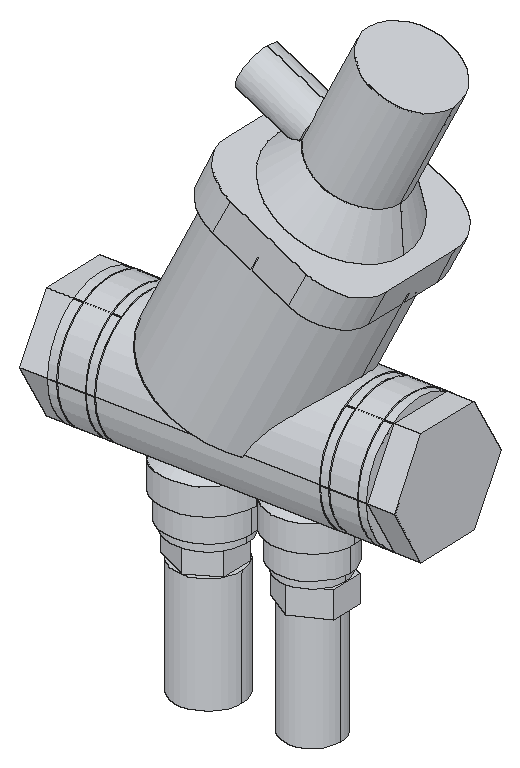
Revit family "PV_Compact_DN020_ 20-60_FF_měř_RFA_2019", category Pipe Accessories, Revit 2019
Family settings
  Round Connector Dimension = Use Diameter
  Part Type = Valve - Breaks Into
  Work Plane-Based = No
  Always vertical = Yes
  Cut with Voids When Loaded = No
  Shared = No
Parameters (values of type "PV Compact DN20 FF s měřením ( 20-60kPa)")
  magiProductId = "9f7cac6a20a942348ba3edadb25c10"
  magiProductFamilyId = "17221e4467384e4990f0bd3f9c07cb"
  magiPartTypeId = 304
  isMeasuringValve [instance] = no
  ang2D [instance] = 0.00°
  Z7 = 15 mm
  Z6 = 24.6 mm
  Z5 = 57.4 mm
  Z4 = 49.2 mm
  Z3 = 8.2 mm
  Z2 = 41 mm
  XR3 = 30 mm
  XR2 = 25 mm
  XR1 = 13 mm
  W2D = 15 mm
  VersionID = "2.0/2018.12.13.2/FRESE_PV_COMPACT_PLUG_Q13_001"
  Use Minimum Symbol Size [instance] = no
  URL = "www.hydronix.cz"
  Type Comments = "závitový s vnitřním závitem; dvěma měřicími vsuvkami; PN25; dpmax=450kPa; -10~+120°C;"
  R5 = 5 mm
  R4 = 15 mm
  R3 = 10 mm
  R2 = 14 mm
  R1 = 19 mm
  QmdConnectorList = "301;D;302;D"
  Productdata [instance] = ""
  PH__ve = -PH  # -22.4 mm
  PH = 22.4 mm
  NL__ve = -NL  # -15.8 mm
  NL = 15.8 mm
  Manufacturer = "Hydronix"
  MC Use Limits From Balancing Method = no
  MC Throttling Minimum Value = 0
  MC Throttling Maximum Value = 0
  MC Product Code = "53-3207 DN20; FF; nastavitelný rozsah dp=20~60kPa; Q=150~2000l/h;  kvs=3,5"
  MC Pressure Drop Minimum Value = 0.0 Pa
  MC Pressure Drop Maximum Value = 0.0 Pa
  MC Piping Given Pressure Drop [instance] = 0.0 Pa
  M5 = 33.7 mm
  M4 = 31.7 mm
  M3 = 25.7 mm
  M2 = 23.7 mm
  LP = 39.5 mm
  LM = 47.4 mm
  LL__ve = -LL  # -5.7 mm
  LLT__ve = -LLT  # -14.9 mm
  LLT = 14.9 mm
  LL2 = 32 mm
  LL = 5.7 mm
  L3 = 11 mm
  L2D_Min = 30.48 mm
  L2D = 65 mm
  Description = "Nastavitelný regulátor tlakové diference"
  DR1 = no
  DR0 = yes
  DL2 = 66 mm
  D = 20 mm
  CenSd_R2_6 = R2 * cos(30.00°)  # 12.124 mm
  CAT0 = yes
  C0D1 = no
  C0D0 = yes
Types (10, lengths in mm): name | magiProductId | Z6 | Z5 | Z4 | Z3 | Z2 | XR3 | XR2 | XR1 | R2 | R1 | PH__ve | PH | NL__ve | NL | MC Product Code | M5 | M4 | M3 | M2 | LP | LM | LL__ve | LLT__ve | LLT | LL2 | LL | L3 | D | CenSd_R2_6
  PV Compact DN15 FF s měřením ( 20-60kPa) | "92c6061b2d364c498536f200ceae3f" | 24.6 | 57.4 | 49.2 | 8.2 | 41 | 30 | 25 | 13 | 14 | 19 | -22.4 | 22.4 | -15 | 15 | "53-3205 DN15; FF; nastavitelný rozsah dp=20~60kPa; Q=100~1000l/h;  kvs=2,9" | 32.5 | 30.5 | 24.5 | 22.5 | 37.5 | 45 | -5.7 | -14.9 | 14.9 | 32 | 5.7 | 11 | 15 | 12.124
  PV Compact DN15 FF s měřením (  5-30kPa) | "f361d342a5c3496a8b127ae77303d4" | 24.6 | 57.4 | 49.2 | 8.2 | 41 | 30 | 25 | 13 | 14 | 19 | -22.4 | 22.4 | -15 | 15 | "53-3204 DN15; FF; nastavitelný rozsah dp=5~30kPa; Q=50~600l/h;  kvs=2,9" | 32.5 | 30.5 | 24.5 | 22.5 | 37.5 | 45 | -5.7 | -14.9 | 14.9 | 32 | 5.7 | 11 | 15 | 12.124
  PV Compact DN20 FF s měřením ( 20-60kPa) | "9f7cac6a20a942348ba3edadb25c10" | 24.6 | 57.4 | 49.2 | 8.2 | 41 | 30 | 25 | 13 | 14 | 19 | -22.4 | 22.4 | -15.8 | 15.8 | "53-3207 DN20; FF; nastavitelný rozsah dp=20~60kPa; Q=150~2000l/h;  kvs=3,5" | 33.7 | 31.7 | 25.7 | 23.7 | 39.5 | 47.4 | -5.7 | -14.9 | 14.9 | 32 | 5.7 | 11 | 20 | 12.124
  PV Compact DN20 FF s měřením (  5-30kPa) | "db23a1b537c14a0d8d3ef5b88ba9f3" | 24.6 | 57.4 | 49.2 | 8.2 | 41 | 30 | 25 | 13 | 14 | 19 | -22.4 | 22.4 | -15.8 | 15.8 | "53-3206 DN20; FF; nastavitelný rozsah dp=5~30kPa; Q=100~1000l/h;  kvs=3,5" | 33.7 | 31.7 | 25.7 | 23.7 | 39.5 | 47.4 | -5.7 | -14.9 | 14.9 | 32 | 5.7 | 11 | 20 | 12.124
  PV Compact DN25 FF s měřením (  5-30kPa) | "df9f1d59aa4a4bbbaec25e168ba07d" | 25.5 | 59.5 | 51 | 8.5 | 42.5 | 30 | 25 | 13 | 14 | 19 | -20.8 | 20.8 | -16.6 | 16.6 | "53-3208 DN25; FF; nastavitelný rozsah dp=5~30kPa; Q=600~2100l/h;  kvs=4,0" | 34.9 | 32.9 | 26.9 | 24.9 | 41.5 | 49.8 | -5.9 | -16.3 | 16.3 | 34 | 5.9 | 11 | 25 | 12.124
  PV Compact DN25L FF s měřením ( 20-80kPa) | "87b7cca8bace4074a54840dfb5d8dc" | 40.2 | 93.8 | 80.4 | 13.4 | 67 | 42.5 | 37.5 | 25.5 | 26.5 | 31.5 | -17.6 | 17.6 | -20 | 20 | "53-3211 DN25L; FF; nastavitelný rozsah dp=20~80kPa; Q=750~4200l/h;  kvs=8,7" | 40 | 38 | 32 | 30 | 50 | 60 | -6.3 | -19.1 | 19.1 | 38 | 6.3 | 11 | 25 | 22.95
  PV Compact DN25L FF s měřením (  5-30kPa) | "5f34f6c18cbb44599cc4b76a533b7b" | 40.2 | 93.8 | 80.4 | 13.4 | 67 | 42.5 | 37.5 | 25.5 | 26.5 | 31.5 | -17.6 | 17.6 | -20 | 20 | "53-3210 DN25L; FF; nastavitelný rozsah dp=5~30kPa; Q=600~2500l/h;  kvs=8,7" | 40 | 38 | 32 | 30 | 50 | 60 | -6.3 | -19.1 | 19.1 | 38 | 6.3 | 11 | 25 | 22.95
  PV Compact DN32 FF s měřením ( 20-80kPa) | "4a8a1c2c3ced401aa76adec660b182" | 40.2 | 93.8 | 80.4 | 13.4 | 67 | 42.5 | 37.5 | 25.5 | 26.5 | 31.5 | -13.6 | 13.6 | -20.8 | 20.8 | "53-3214 DN32; FF; nastavitelný rozsah dp=20~80kPa; Q=1000~5000l/h;  kvs=10,1" | 41.2 | 39.2 | 33.2 | 31.2 | 52 | 62.4 | -6.8 | -22.6 | 22.6 | 43 | 6.8 | 25 | 32 | 22.95
  PV Compact DN40 FF s měřením ( 20-80kPa) | "8dd334465d8f48dd802c3dab6bec5b" | 46.8 | 109.2 | 93.6 | 15.6 | 78 | 42.5 | 37.5 | 25.5 | 26.5 | 31.5 | -11.2 | 11.2 | -27.6 | 27.6 | "53-3216 DN40; FF; nastavitelný rozsah dp=20~80kPa; Q=3000~8000l/h;  kvs=15,8" | 51.4 | 49.4 | 43.4 | 41.4 | 69 | 82.8 | -7.1 | -24.7 | 24.7 | 46 | 7.1 | 25 | 40 | 22.95
  PV Compact DN50 FF s měřením ( 20-80kPa) | "de24153ded7e41748f92358b184bd6" | 46.8 | 109.2 | 93.6 | 15.6 | 78 | 42.5 | 37.5 | 25.5 | 35.25 | 31.5 | -6.4 | 6.4 | -27.6 | 27.6 | "53-3218 DN50; FF; nastavitelný rozsah dp=20~80kPa; Q=5000~11500l/h;  kvs=16,2" | 51.4 | 49.4 | 43.4 | 41.4 | 69 | 82.8 | -7.7 | -28.9 | 28.9 | 52 | 7.7 | 25 | 50 | 30.527
Reference planes
  plane 1 "Center (Front/Back)": y = 0
  plane 2 "XYPLANE": z = 0
  plane 3 "Center (Left/Right)": x = 0
  plane 4 "408": x = 39.5
  plane 5 "407": x = -39.5
  plane 6 "402": z = -66
  plane 7 "213": x = 11
  plane 8 "168": z = -10.9
  plane 9 "167": z = -12.9
  plane 10 "166": z = -18.6
  plane 11 "165": z = -24.3
  plane 12 "164": z = -26.3
  plane 13 "154": z = 0
  plane 14 "152": y = 0
  plane 15 "151": z = -32
  plane 16 "150": x = -11
  plane 17 "75": through (318.218, 0, 679.605) normal (0.891, 0, -0.454)
  plane 18 "74": x = 33.7
  plane 19 "73": x = 31.7
  plane 20 "72": x = 25.7
  plane 21 "71": x = 23.7
  plane 22 "70": x = -33.7
  plane 23 "69": x = -31.7
  plane 24 "68": x = -25.7
  plane 25 "67": y = 0
  plane 26 "66": through (-666.893, 0, 343.166) normal (0.454, 0, 0.891)
  plane 27 "65": x = -23.7
  plane 28 "64": through (335.147, 0, 670.979) normal (0.891, 0, -0.454)
  plane 29 "63": through (-649.641, 0, 377.024) normal (0.454, 0, 0.891)
  plane 30 "62": through (352.076, 0, 662.353) normal (0.891, 0, -0.454)
  plane 31 "61": y = 19
  plane 32 "60": y = -19
  plane 33 "59": through (-645.919, 0, 384.33) normal (0.454, 0, 0.891)
  plane 34 "58": through (-642.196, 0, 391.637) normal (0.454, 0, 0.891)
  plane 35 "57": through (313.763, 0, 681.875) normal (0.891, 0, -0.454)
  plane 36 "56": x = 0
  plane 37 "55": through (-668.255, 0, 340.493) normal (0.454, 0, 0.891)
  plane 38 "102XY": through (-668.255, 0, 340.493) normal (0.454, 0, 0.891)
  plane 39 "102XZ": y = 0
  plane 40 "102YZ": through (340.493, 0, 668.255) normal (0.891, 0, -0.454)
Forms (mm)
  Extrusion 1, solid
    sketch origin (39.5, -750, 0) x (0, 1, 0) y (0, 0, 1)
      loop
        line (764, 0) -> (757, 12.124) -> (743, 12.124) -> (736, 0) -> (743, -12.124) -> (757, -12.124) -> (764, 0)
    from 0 to -15.8 <- "NL__ve"
  Extrusion 2, solid
    sketch origin (-39.5, -750, 0) x (0, 1, 0) y (0, 0, 1)
      loop
        line (736, 0) -> (743, -12.124) -> (757, -12.124) -> (764, 0) -> (757, 12.124) -> (743, 12.124) -> (736, 0)
    from 0 to 15.8 <- "NL"
  Extrusion 3, solid, visible <- "C0D1"
    sketch origin (-750, 0, -66) x (1, 0, 0) y (0, 1, 0)
      loop
        circle (761, 0) r 10
    from 0 to 50
  Extrusion 4, solid, visible <- "DR1"
    sketch origin (-750, 0, -18.6) x (1, 0, 0) y (0, 1, 0)
      loop
        line (761, -12) -> (772.592, -6) -> (772.592, 6) -> (761, 12) -> (750.608, 6) -> (750.608, -6) -> (761, -12)
    from 0 to -22.4 <- "PH__ve"
  Extrusion 5, solid, visible <- "DR1"
    sketch origin (-750, 0, -18.6) x (1, 0, 0) y (0, 1, 0)
      loop
        circle (761, 0) r 10
    from 0 to 5.7 <- "LL"
  Blend 6, solid, visible <- "DR1"
    base sketch origin (-750, 0, -10.9) x (1, 0, 0) y (0, 1, 0)
      loop
        circle (761, 0) r 7.5
    top sketch origin (-750, 0, -10.9) x (1, 0, 0) y (0, 1, 0)
      loop
        circle (761, 0) r 10
    from 0 to -2
  Extrusion 7, solid, visible <- "DR1"
    sketch origin (-750, 0, 0) x (1, 0, 0) y (0, 1, 0)
      loop
        circle (761, 0) r 7.5
    from 0 to -14.9 <- "LLT__ve"
  Extrusion 8, solid, visible <- "C0D0"
    sketch origin (-750, 0, -32) x (1, 0, 0) y (0, 1, 0)
      loop
        circle (761, 0) r 6
    from 0 to -25
  Extrusion 9, solid, visible <- "DR0"
    sketch origin (-750, 0, -26.3) x (1, 0, 0) y (0, 1, 0)
      loop
        line (761, -7) -> (768.262, -3.5) -> (768.262, 3.5) -> (761, 7) -> (754.938, 3.5) -> (754.938, -3.5) -> (761, -7)
    from 0 to -5.7 <- "LL__ve"
  Extrusion 10, solid, visible <- "DR0"
    sketch origin (-750, 0, -26.3) x (1, 0, 0) y (0, 1, 0)
      loop
        circle (761, 0) r 7
    from 0 to 2
  Extrusion 11, solid, visible <- "DR0"
    sketch origin (-750, 0, -18.6) x (1, 0, 0) y (0, 1, 0)
      loop
        circle (761, 0) r 9
    from 0 to 5.7 <- "LL"
  Blend 12, solid, visible <- "DR0"
    base sketch origin (-750, 0, -10.9) x (1, 0, 0) y (0, 1, 0)
      loop
        circle (761, 0) r 6.5
    top sketch origin (-750, 0, -10.9) x (1, 0, 0) y (0, 1, 0)
      loop
        circle (761, 0) r 9
    from 0 to -2
  Extrusion 13, solid, visible <- "DR0"
    sketch origin (-750, 0, 0) x (1, 0, 0) y (0, 1, 0)
      loop
        circle (761, 0) r 6.5
    from 0 to -14.9 <- "LLT__ve"
  Extrusion 14, solid, visible <- "DR0"
    sketch origin (-750, 0, 0) x (1, 0, 0) y (0, 1, 0)
      loop
        circle (761, 0) r 6.5
    from 0 to -14.9 <- "LLT__ve"
  Blend 15, solid, visible <- "DR0"
    base sketch origin (-750, 0, -10.9) x (1, 0, 0) y (0, 1, 0)
      loop
        circle (761, 0) r 6.5
    top sketch origin (-750, 0, -10.9) x (1, 0, 0) y (0, 1, 0)
      loop
        circle (761, 0) r 9
    from 0 to -2
  Extrusion 16, solid, visible <- "DR0"
    sketch origin (-750, 0, -18.6) x (1, 0, 0) y (0, 1, 0)
      loop
        circle (761, 0) r 9
    from 0 to 5.7 <- "LL"
  Extrusion 17, solid, visible <- "DR0"
    sketch origin (-750, 0, -24.3) x (1, 0, 0) y (0, 1, 0)
      loop
        circle (761, 0) r 8
    from 0 to 5.7 <- "LL"
  Extrusion 18, solid, visible <- "DR0"
    sketch origin (-750, 0, -26.3) x (1, 0, 0) y (0, 1, 0)
      loop
        circle (761, 0) r 7
    from 0 to 2
  Extrusion 19, solid, visible <- "DR0"
    sketch origin (-750, 0, -26.3) x (1, 0, 0) y (0, 1, 0)
      loop
        line (761, -7) -> (768.262, -3.5) -> (768.262, 3.5) -> (761, 7) -> (754.938, 3.5) -> (754.938, -3.5) -> (761, -7)
    from 0 to -5.7 <- "LL__ve"
  Extrusion 20, solid, visible <- "C0D0"
    sketch origin (-750, 0, -32) x (1, 0, 0) y (0, 1, 0)
      loop
        circle (761, 0) r 6
    from 0 to -25
  Extrusion 21, solid, visible <- "CAT0"
    sketch origin (-750, 0, -32) x (1, 0, 0) y (0, 1, 0)
      loop
        circle (739, 0) r 7.2
    from 0 to -25
  Extrusion 22, solid
    sketch origin (-750, 0, -26.3) x (1, 0, 0) y (0, 1, 0)
      loop
        line (739, -7) -> (745.062, -3.5) -> (745.062, 3.5) -> (739, 7) -> (731.738, 3.5) -> (731.738, -3.5) -> (739, -7)
    from 0 to -5.7 <- "LL__ve"
  Extrusion 23, solid
    sketch origin (-750, 0, -26.3) x (1, 0, 0) y (0, 1, 0)
      loop
        circle (739, 0) r 8.2
    from 0 to 2
  Extrusion 24, solid
    sketch origin (-750, 0, -24.3) x (1, 0, 0) y (0, 1, 0)
      loop
        circle (739, 0) r 9.2
    from 0 to 5.7 <- "LL"
  Extrusion 25, solid
    sketch origin (-750, 0, -18.6) x (1, 0, 0) y (0, 1, 0)
      loop
        circle (739, 0) r 10.2
    from 0 to 5.7 <- "LL"
  Blend 26, solid
    base sketch origin (-750, 0, -10.9) x (1, 0, 0) y (0, 1, 0)
      loop
        circle (739, 0) r 7.7
    top sketch origin (-750, 0, -10.9) x (1, 0, 0) y (0, 1, 0)
      loop
        circle (739, 0) r 10.2
    from 0 to -2
  Extrusion 27, solid
    sketch origin (-750, 0, 0) x (1, 0, 0) y (0, 1, 0)
      loop
        circle (739, 0) r 7.7
    from 0 to -14.9 <- "LLT__ve"
  Blend 28, solid, visible <- "CAT0"
    base sketch origin (31.7, -750, 0) x (0, 1, 0) y (0, 0, 1)
      loop
        circle (750, 0) r 14
    top sketch origin (31.7, -750, 0) x (0, 1, 0) y (0, 0, 1)
      loop
        circle (750, 0) r 14
    from 0 to 2
  Extrusion 29, solid, visible <- "CAT0"
    sketch origin (25.7, -750, 0) x (0, 1, 0) y (0, 0, 1)
      loop
        circle (750, 0) r 14
    from 0 to 6
  Blend 30, solid, visible <- "CAT0"
    base sketch origin (23.7, -750, 0) x (0, 1, 0) y (0, 0, 1)
      loop
        circle (750, 0) r 14
    top sketch origin (23.7, -750, 0) x (0, 1, 0) y (0, 0, 1)
      loop
        circle (750, 0) r 14
    from 0 to 2
  Blend 31, solid, visible <- "CAT0"
    base sketch origin (-31.7, -750, 0) x (0, 1, 0) y (0, 0, 1)
      loop
        circle (750, 0) r 14
    top sketch origin (-31.7, -750, 0) x (0, 1, 0) y (0, 0, 1)
      loop
        circle (750, 0) r 14
    from 0 to -2
  Extrusion 32, solid, visible <- "CAT0"
    sketch origin (-31.7, -750, 0) x (0, 1, 0) y (0, 0, 1)
      loop
        circle (750, 0) r 14
    from 0 to 6
  Blend 33, solid, visible <- "CAT0"
    base sketch origin (-25.7, -750, 0) x (0, 1, 0) y (0, 0, 1)
      loop
        circle (750, 0) r 14
    top sketch origin (-25.7, -750, 0) x (0, 1, 0) y (0, 0, 1)
      loop
        circle (750, 0) r 14
    from 0 to 2
  Extrusion 34, solid, visible <- "CAT0"
    sketch origin (-23.7, -750, 0) x (0, 1, 0) y (0, 0, 1)
      loop
        circle (750, 0) r 14
    from 0 to 47.4 <- "LM"
  Extrusion 35, solid, visible <- "CAT0"
    sketch origin (-666.893, 0, 343.166) x (0.891007, 0, -0.45399) y (0, 1, 0)
      loop
        circle (744, 0) r 19
    from 0 to 41 <- "Z2"
  Extrusion 36, solid, visible <- "CAT0"
    sketch origin (-649.641, 0, 377.024) x (0.891007, 0, -0.45399) y (0, 1, 0)
      loop
        arc (735, 19) -> (727.929, 16.071) -> (725, 9) r 10
        line (725, 9) -> (725, -9)
        arc (725, -9) -> (727.929, -16.071) -> (735, -19) r 10
        line (735, -19) -> (753, -19)
        arc (753, -19) -> (760.071, -16.071) -> (763, -9) r 10
        line (763, -9) -> (763, 9)
        arc (763, 9) -> (760.071, 16.071) -> (753, 19) r 10
        line (753, 19) -> (735, 19)
    from 0 to 8.2 <- "Z3"
  Blend 37, solid, visible <- "CAT0"
    base sketch origin (-645.919, 0, 384.33) x (0.891007, 0, -0.45399) y (0, 1, 0)
      loop
        circle (744, 0) r 15
    top sketch origin (-645.919, 0, 384.33) x (0.891007, 0, -0.45399) y (0, 1, 0)
      loop
        circle (744, 0) r 10
    from 0 to 8.2
  Extrusion 38, solid, visible <- "CAT0"
    sketch origin (-642.196, 0, 391.637) x (0.891007, 0, -0.45399) y (0, 1, 0)
      loop
        circle (744, 0) r 10
    from 0 to 24.6 <- "Z6"
  Extrusion 39, solid, visible <- "CAT0"
    sketch origin (313.763, 0, 681.875) x (-0.45399, 0, -0.891007) y (0, 1, 0)
      loop
        circle (692.6, 0) r 5
    from 0 to 15 <- "Z7"
  Blend 40, solid, visible <- "CAT0"
    base sketch origin (-668.255, 0, 340.493) x (0.891007, 0, -0.45399) y (0, 1, 0)
      loop
        circle (744, 0) r 15
    top sketch origin (-668.255, 0, 340.493) x (0.891007, 0, -0.45399) y (0, 1, 0)
      loop
        circle (744, 0) r 19
    from 0 to 3
  Extrusion 41, solid, not visible
    sketch origin (-33.7, -750, 0) x (0, 1, 0) y (0, 0, 1)
      loop
        circle (750, 0) r 10
    from 0 to 10
  Extrusion 42, solid, not visible
    sketch origin (33.7, -750, 0) x (0, 1, 0) y (0, 0, 1)
      loop
        circle (750, 0) r 10
    from 0 to -10
Lines and regions (mm)
  reference lines, not visible
    curve 1: circle (2, 2, 0) r 1 normal (0, 0, 1)
  reference lines
    curve 2: line (39.5, 0, 0) -> (39.5, -3.5, 6.062)
    curve 3: line (39.5, 0, 0) -> (39.5, -7, 0)
    curve 4: line (39.5, 0, 0) -> (39.5, -3.5, -6.062)
    curve 5: line (-39.5, 0, 0) -> (-39.5, 3.5, 6.062)
    curve 6: line (-39.5, 0, 0) -> (-39.5, 7, 0)
    curve 7: line (-39.5, 0, 0) -> (-39.5, 3.5, -6.062)
Dimensions and locks
  plane 1 "Center (Front/Back)" to curve 1 = 2 mm
  "LP": plane 36 "56" to plane 4 "408"
  "LP": plane 36 "56" to plane 5 "407"
  "DL2": plane 2 "XYPLANE" to plane 6 "402"
  "L3": plane 3 "Center (Left/Right)" to plane 7 "213"
  locked: plane 9 "167" to plane 8 "168" at 2
  "LL": plane 10 "166" to plane 9 "167"
  "LL": plane 11 "165" to plane 10 "166"
  locked: plane 12 "164" to plane 11 "165" at 2
  "LL": plane 15 "151" to plane 12 "164"
  locked: plane 2 "XYPLANE" to plane 13 "154"
  locked: plane 1 "Center (Front/Back)" to plane 14 "152"
  "LL2": plane 2 "XYPLANE" to plane 15 "151"
  "L3": plane 3 "Center (Left/Right)" to plane 16 "150"
  "XR2": plane 40 "102YZ" to plane 17 "75"
  "M5": plane 3 "Center (Left/Right)" to plane 18 "74"
  "M4": plane 3 "Center (Left/Right)" to plane 19 "73"
  "M3": plane 3 "Center (Left/Right)" to plane 20 "72"
  "M2": plane 3 "Center (Left/Right)" to plane 21 "71"
  "M5": plane 3 "Center (Left/Right)" to plane 22 "70"
  "M4": plane 3 "Center (Left/Right)" to plane 23 "69"
  "M3": plane 3 "Center (Left/Right)" to plane 24 "68"
  locked: plane 14 "152" to plane 25 "67"
  locked: plane 38 "102XY" to plane 26 "66" at 3
  "M2": plane 3 "Center (Left/Right)" to plane 27 "65"
  locked: plane 40 "102YZ" to plane 28 "64" at 6
  "Z2": plane 38 "102XY" to plane 29 "63"
  "XR1": plane 40 "102YZ" to plane 30 "62"
  "R1": plane 14 "152" to plane 31 "61"
  "R1": plane 14 "152" to plane 32 "60"
  "Z4": plane 38 "102XY" to plane 33 "59"
  "Z5": plane 38 "102XY" to plane 34 "58"
  "XR3": plane 40 "102YZ" to plane 35 "57"
  locked: plane 3 "Center (Left/Right)" to plane 36 "56"
  locked: plane 38 "102XY" to plane 37 "55"
  "CenSd_R2_6": curve 2 to Extrusion 1 sketch curve  (x2)
  "CenSd_R2_6": curve 3 to Extrusion 1 sketch curve  (x2)
  "CenSd_R2_6": curve 4 to Extrusion 1 sketch curve  (x2)
  Extrusion 1 sketch curve to Extrusion 1 sketch curve = 0 mm  (x12)
  "CenSd_R2_6": curve 5 to Extrusion 2 sketch curve  (x2)
  "CenSd_R2_6": curve 6 to Extrusion 2 sketch curve  (x2)
  "CenSd_R2_6": curve 7 to Extrusion 2 sketch curve  (x2)
  Extrusion 2 sketch curve to Extrusion 2 sketch curve = 0 mm  (x12)
  Extrusion 4 sketch curve to Extrusion 4 sketch curve = 0 mm  (x12)
  Extrusion 9 sketch curve to Extrusion 9 sketch curve = 0 mm  (x12)
  Extrusion 19 sketch curve to Extrusion 19 sketch curve = 0 mm  (x12)
  Extrusion 22 sketch curve to Extrusion 22 sketch curve = 0 mm  (x12)
  Extrusion 36 sketch curve to Extrusion 36 sketch curve = 0 mm  (x16)
  "R2": radius of Blend 28 sketch curve  (x2)
  "R2": radius of Extrusion 29 sketch curve
  "R2": radius of Blend 30 sketch curve  (x2)
  "R2": radius of Blend 31 sketch curve  (x2)
  "R2": radius of Extrusion 32 sketch curve
  "R2": radius of Blend 33 sketch curve  (x2)
  "R2": radius of Extrusion 34 sketch curve
  "R1": radius of Extrusion 35 sketch curve
  radius of Extrusion 36 sketch curve = 10 mm  (x4)
  "R3": radius of Blend 37 sketch curve
  "R4": radius of Blend 37 sketch curve
  "R3": radius of Extrusion 38 sketch curve
  "R5": radius of Extrusion 39 sketch curve
  "R1": radius of Blend 40 sketch curve
  locked: curve 3 to curve 2 (angle 60.00°)
  locked: curve 4 to curve 3 (angle 60.00°)
  locked: curve 4 to curve 2 (angle 120.00°)
  locked: curve 6 to curve 5 (angle 60.00°)
  locked: curve 7 to curve 6 (angle 60.00°)
  locked: curve 7 to curve 5 (angle 120.00°)
  aligned and locked: level to plane 2 "XYPLANE"
  aligned and locked: plane 13 "154" to curve 4
  aligned and locked: curve 4 to plane 14 "152"
  aligned and locked: plane 13 "154" to curve 7
  aligned and locked: curve 7 to plane 14 "152"
  aligned and locked: plane 7 "213" to Extrusion 3 sketch curve
  aligned and locked: plane 14 "152" to Extrusion 3 sketch curve
  aligned and locked: plane 7 "213" to Extrusion 5 sketch curve
  aligned and locked: plane 14 "152" to Extrusion 5 sketch curve
  aligned and locked: plane 7 "213" to Blend 6 sketch curve  (x2)
  aligned and locked: plane 14 "152" to Blend 6 sketch curve  (x2)
  aligned and locked: Blend 6 to plane 9 "167"
  aligned and locked: plane 7 "213" to Extrusion 7 sketch curve
  aligned and locked: plane 14 "152" to Extrusion 7 sketch curve
  aligned and locked: plane 7 "213" to Extrusion 8 sketch curve
  aligned and locked: plane 14 "152" to Extrusion 8 sketch curve
  aligned and locked: plane 7 "213" to Extrusion 10 sketch curve
  aligned and locked: plane 14 "152" to Extrusion 10 sketch curve
  aligned and locked: plane 7 "213" to Extrusion 11 sketch curve
  aligned and locked: plane 14 "152" to Extrusion 11 sketch curve
  aligned and locked: plane 7 "213" to Blend 12 sketch curve  (x2)
  aligned and locked: plane 14 "152" to Blend 12 sketch curve  (x2)
  aligned and locked: Blend 12 to plane 9 "167"
  aligned and locked: plane 7 "213" to Extrusion 13 sketch curve
  aligned and locked: plane 14 "152" to Extrusion 13 sketch curve
  aligned and locked: plane 7 "213" to Extrusion 14 sketch curve
  aligned and locked: plane 14 "152" to Extrusion 14 sketch curve
  aligned and locked: plane 7 "213" to Blend 15 sketch curve  (x2)
  aligned and locked: plane 14 "152" to Blend 15 sketch curve  (x2)
  aligned and locked: Blend 15 to plane 9 "167"
  aligned and locked: plane 7 "213" to Extrusion 16 sketch curve
  aligned and locked: plane 14 "152" to Extrusion 16 sketch curve
  aligned and locked: plane 7 "213" to Extrusion 17 sketch curve
  aligned and locked: plane 14 "152" to Extrusion 17 sketch curve
  aligned and locked: plane 7 "213" to Extrusion 18 sketch curve
  aligned and locked: plane 14 "152" to Extrusion 18 sketch curve
  aligned and locked: plane 7 "213" to Extrusion 20 sketch curve
  aligned and locked: plane 14 "152" to Extrusion 20 sketch curve
  aligned and locked: plane 14 "152" to Extrusion 21 sketch curve
  aligned and locked: plane 16 "150" to Extrusion 21 sketch curve
  aligned and locked: plane 14 "152" to Extrusion 23 sketch curve
  aligned and locked: plane 16 "150" to Extrusion 23 sketch curve
  aligned and locked: plane 14 "152" to Extrusion 24 sketch curve
  aligned and locked: plane 16 "150" to Extrusion 24 sketch curve
  aligned and locked: plane 14 "152" to Extrusion 25 sketch curve
  aligned and locked: plane 16 "150" to Extrusion 25 sketch curve
  aligned and locked: plane 14 "152" to Blend 26 sketch curve  (x2)
  aligned and locked: plane 16 "150" to Blend 26 sketch curve  (x2)
  aligned and locked: Blend 26 to plane 9 "167"
  aligned and locked: plane 14 "152" to Extrusion 27 sketch curve
  aligned and locked: plane 16 "150" to Extrusion 27 sketch curve
  aligned and locked: plane 13 "154" to Blend 28 sketch curve  (x2)
  aligned and locked: Blend 28 sketch curve to plane 14 "152"  (x2)
  aligned and locked: plane 18 "74" to Blend 28
  aligned and locked: plane 13 "154" to Extrusion 29 sketch curve
  aligned and locked: Extrusion 29 sketch curve to plane 14 "152"
  aligned and locked: plane 13 "154" to Blend 30 sketch curve  (x2)
  aligned and locked: Blend 30 sketch curve to plane 14 "152"  (x2)
  aligned and locked: plane 20 "72" to Blend 30
  aligned and locked: plane 13 "154" to Blend 31 sketch curve  (x2)
  aligned and locked: Blend 31 sketch curve to plane 14 "152"  (x2)
  aligned and locked: Blend 31 to plane 22 "70"
  aligned and locked: plane 13 "154" to Extrusion 32 sketch curve
  aligned and locked: Extrusion 32 sketch curve to plane 14 "152"
  aligned and locked: plane 13 "154" to Blend 33 sketch curve  (x2)
  aligned and locked: Blend 33 sketch curve to plane 14 "152"  (x2)
  aligned and locked: plane 27 "65" to Blend 33
  aligned and locked: plane 13 "154" to Extrusion 34 sketch curve
  aligned and locked: Extrusion 34 sketch curve to plane 14 "152"
  aligned and locked: plane 25 "67" to Extrusion 35 sketch curve
  aligned and locked: Extrusion 35 sketch curve to plane 28 "64"
  aligned and locked: Extrusion 36 sketch curve to plane 17 "75"
  aligned and locked: Extrusion 36 sketch curve to plane 32 "60"
  aligned and locked: Extrusion 36 sketch curve to plane 30 "62"
  aligned and locked: plane 31 "61" to Extrusion 36 sketch curve
  aligned and locked: plane 25 "67" to Blend 37 sketch curve  (x2)
  aligned and locked: Blend 37 sketch curve to plane 28 "64"  (x2)
  aligned and locked: plane 34 "58" to Blend 37
  aligned and locked: plane 25 "67" to Extrusion 38 sketch curve
  aligned and locked: Extrusion 38 sketch curve to plane 28 "64"
  aligned and locked: plane 25 "67" to Extrusion 39 sketch curve
  aligned and locked: plane 34 "58" to Extrusion 39 sketch curve
  aligned and locked: plane 25 "67" to Blend 40 sketch curve  (x2)
  aligned and locked: Blend 40 sketch curve to plane 28 "64"  (x2)
  aligned and locked: plane 26 "66" to Blend 40
  aligned and locked: plane 13 "154" to Extrusion 41 sketch curve
  aligned and locked: Extrusion 41 sketch curve to plane 14 "152"
  aligned and locked: plane 13 "154" to Extrusion 42 sketch curve
  aligned and locked: Extrusion 42 sketch curve to plane 14 "152"
Automatic sketch dimensions
  plane 3 "Center (Left/Right)" to Extrusion 3 sketch curve = 1 mm
  Extrusion 4 sketch curve to plane 7 "213" = 0 mm  (x2)
  plane 3 "Center (Left/Right)" to Extrusion 4 sketch curve = 0.608 mm
  Extrusion 4 sketch curve to plane 21 "71" = 1.108 mm
  plane 32 "60" to Extrusion 4 sketch curve = 7 mm
  plane 1 "Center (Front/Back)" to Extrusion 4 sketch curve = 6 mm  (x2)
  Extrusion 4 sketch curve to plane 1 "Center (Front/Back)" = 6 mm  (x2)
  Extrusion 4 sketch curve to plane 31 "61" = 7 mm
  plane 3 "Center (Left/Right)" to Extrusion 5 sketch curve = 1 mm
  plane 3 "Center (Left/Right)" to Blend 6 sketch curve = 3.5 mm
  plane 3 "Center (Left/Right)" to Blend 6 sketch curve = 1 mm
  plane 3 "Center (Left/Right)" to Extrusion 7 sketch curve = 3.5 mm
  plane 3 "Center (Left/Right)" to Extrusion 8 sketch curve = 5 mm
  Extrusion 9 sketch curve to plane 7 "213" = 0 mm  (x2)
  plane 3 "Center (Left/Right)" to Extrusion 9 sketch curve = 4.938 mm
  Extrusion 9 sketch curve to plane 21 "71" = 5.438 mm
  plane 1 "Center (Front/Back)" to Extrusion 9 sketch curve = 7 mm
  plane 1 "Center (Front/Back)" to Extrusion 9 sketch curve = 3.5 mm  (x2)
  Extrusion 9 sketch curve to plane 1 "Center (Front/Back)" = 3.5 mm  (x2)
  Extrusion 9 sketch curve to Extrusion 9 sketch curve = 3.5 mm
  plane 3 "Center (Left/Right)" to Extrusion 10 sketch curve = 4 mm
  plane 3 "Center (Left/Right)" to Extrusion 11 sketch curve = 2 mm
  plane 3 "Center (Left/Right)" to Blend 12 sketch curve = 4.5 mm
  plane 3 "Center (Left/Right)" to Blend 12 sketch curve = 2 mm
  plane 3 "Center (Left/Right)" to Extrusion 13 sketch curve = 4.5 mm
  plane 3 "Center (Left/Right)" to Extrusion 14 sketch curve = 4.5 mm
  plane 3 "Center (Left/Right)" to Blend 15 sketch curve = 4.5 mm
  plane 3 "Center (Left/Right)" to Blend 15 sketch curve = 2 mm
  plane 3 "Center (Left/Right)" to Extrusion 16 sketch curve = 2 mm
  plane 3 "Center (Left/Right)" to Extrusion 17 sketch curve = 3 mm
  plane 3 "Center (Left/Right)" to Extrusion 18 sketch curve = 4 mm
  Extrusion 19 sketch curve to plane 7 "213" = 0 mm  (x2)
  plane 3 "Center (Left/Right)" to Extrusion 19 sketch curve = 4.938 mm
  Extrusion 19 sketch curve to plane 21 "71" = 5.438 mm
  plane 1 "Center (Front/Back)" to Extrusion 19 sketch curve = 7 mm
  plane 1 "Center (Front/Back)" to Extrusion 19 sketch curve = 3.5 mm  (x2)
  Extrusion 19 sketch curve to plane 1 "Center (Front/Back)" = 3.5 mm  (x2)
  Extrusion 19 sketch curve to Extrusion 19 sketch curve = 3.5 mm
  plane 3 "Center (Left/Right)" to Extrusion 20 sketch curve = 5 mm
  plane 27 "65" to Extrusion 21 sketch curve = 5.5 mm
  Extrusion 22 sketch curve to plane 16 "150" = 0 mm  (x2)
  plane 27 "65" to Extrusion 22 sketch curve = 5.438 mm
  Extrusion 22 sketch curve to plane 3 "Center (Left/Right)" = 4.938 mm
  plane 1 "Center (Front/Back)" to Extrusion 22 sketch curve = 7 mm
  plane 1 "Center (Front/Back)" to Extrusion 22 sketch curve = 3.5 mm  (x2)
  Extrusion 22 sketch curve to plane 1 "Center (Front/Back)" = 3.5 mm  (x2)
  Extrusion 22 sketch curve to Extrusion 22 sketch curve = 3.5 mm
  plane 27 "65" to Extrusion 23 sketch curve = 4.5 mm
  plane 27 "65" to Extrusion 24 sketch curve = 3.5 mm
  plane 27 "65" to Extrusion 25 sketch curve = 2.5 mm
  plane 27 "65" to Blend 26 sketch curve = 5 mm
  plane 27 "65" to Blend 26 sketch curve = 2.5 mm
  plane 27 "65" to Extrusion 27 sketch curve = 5 mm
  plane 17 "75" to Blend 40 sketch curve = 4 mm
  plane 32 "60" to Extrusion 41 sketch curve = 9 mm
  plane 32 "60" to Extrusion 42 sketch curve = 9 mm
  plane 3 "Center (Left/Right)" to curve 1 = 2 mm
  radius of curve 1 = 1 mm
Connectors
  piping at (-33.7, 0, 0), diameter 20, driven by "D"
    settings: on Extrusion 41, index 1, connector inside diameter 609.6 mm, connector length 0 mm, flow factor 0, pipe flow 0.0 L/s, pressure drop 0.0 Pa, fitting loss kfactor 0, connector angle 0.00°, fixture units 0, engagement length 0 mm, angle of deflection 0.00°, flow configuration 0, flow direction 0, fitting loss method 0, system type 29, joint type 0, gender type 0, connector reference index 2, connector utility 0, adjustable connector no, is connector primary yes, connector description ""
  piping at (33.7, 0, 0), diameter 20, driven by "D"
    settings: on Extrusion 42, index 2, connector inside diameter 609.6 mm, connector length 0 mm, flow factor 0, pipe flow 0.0 L/s, pressure drop 0.0 Pa, fitting loss kfactor 0, connector angle 0.00°, fixture units 0, engagement length 0 mm, angle of deflection 0.00°, flow configuration 0, flow direction 0, fitting loss method 0, system type 29, joint type 0, gender type 0, connector reference index 1, connector utility 0, adjustable connector no, is connector primary no, connector description ""
